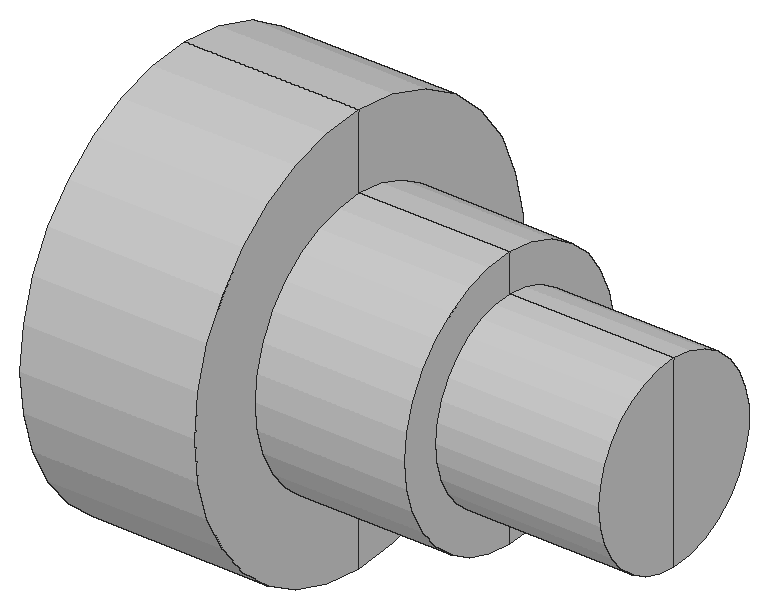
Revit family "6210_Eisenrohranschluß mit Konus", category Rohrformteile, Revit 2021
Family settings
  Bemaßung runder Anschluss = Durchmesser verwenden
  Teiletyp = Verbindung
  OmniClass-Nummer = 23.65.55.14
  OmniClass-Titel = Valves for Liquid Services
  Arbeitsebenenbasiert = Nein
  Immer vertikal = Ja
  Beim Laden mit Abzugskörper schneiden = Nein
  Gemeinsam genutzt = Nein
Parameters (values of type "G3/4 x R1/2x35mm")
  Vorgabe-Ansicht = 0 mm
  URL = "www.herz-armaturen.at"
  SCRNSEQ = "AWI;AWI_TYP=\"1001\";2"
  SCRNCODE = "07;01;02"  # constant formula
  S02 = 8 mm  # constant formula
  S01 [instance] = GT  # 10 mm
  O-Ring = "EPDM"  # constant formula
  Nennweite_AG [instance] = if([5_8x3_8], 10 mm, if([3_4x1_2], 15 mm, if([3_4x1_2x26], 15 mm, if([3_4x1_2x35], 15 mm, if([1x3_4], 20 mm, 0 mm)))))  # 15 mm
  Nennweite_IG [instance] = if([5_8x3_8], 15 mm, if([3_4x1_2], 20 mm, if([3_4x1_2x26], 20 mm, if([3_4x1_2x35], 20 mm, if([1x3_4], 25 mm, 0 mm)))))  # 20 mm
  Mutter = "Messing CW614N, vernickelt"  # constant formula
  Max. Betriebstemperatur = 110 °C  # constant formula
  Max. Betriebsdruck = 1000000.0 Pa  # constant formula
  Medium = "Heizungswasser nach ÖNORM H5195 oder VDI- Richtlinie 2035.\r\nDie Verwendung von Ethylen- oder Propyleneglykol in einem Mischungsverhältnis 25- 50% ist zulässig."
  Hinweiß = "Der O-Ring dient als zusätzliche Dichtung, bei Verlust ist der Eisenrohranschluss metallisch dichtend."
  GT [instance] = if([5_8x3_8], 8.5 mm, if([3_4x1_2], 10 mm, if([3_4x1_2x26], 10 mm, if([3_4x1_2x35], 10 mm, if([1x3_4], 12 mm, 0 mm)))))  # 10 mm
  L02 [instance] = if([5_8x3_8], 9 mm, if([3_4x1_2], 13.2 mm, if([3_4x1_2x26], 13.2 mm, if([3_4x1_2x35], 13.2 mm, if([1x3_4], 12.7 mm, 0 mm)))))  # 13.2 mm
  L01 [instance] = if([5_8x3_8], 13 mm, if([3_4x1_2], 14 mm, if([3_4x1_2x26], 14 mm, if([3_4x1_2x35], 14 mm, if([1x3_4], 16.5 mm, 0 mm)))))  # 14 mm
  L00 [instance] = if([5_8x3_8], 30.5 mm, if([3_4x1_2], 34.3 mm, if([3_4x1_2x26], 30.3 mm, if([3_4x1_2x35], 39.3 mm, if([1x3_4], 41.4 mm, 0 mm)))))  # 39.3 mm
  Hersteller = "HERZ Armaturen Ges.m.b.H."  # constant formula
  Bestellnummer = if([5_8x3_8], 1621000, if([3_4x1_2], 1621021, if([3_4x1_2x26], 1621026, if([3_4x1_2x35], 1621011, if([1x3_4], 1621002, 0)))))  # 1621011
  D03 [instance] = if([5_8x3_8], 5 mm, if([3_4x1_2], 7.5 mm, if([3_4x1_2x26], 7.5 mm, if([3_4x1_2x35], 7.5 mm, if([1x3_4], 10 mm, 0 mm)))))  # 7.5 mm
  D02 [instance] = if([5_8x3_8], 8.5 mm, if([3_4x1_2], 10.5 mm, if([3_4x1_2x26], 10.5 mm, if([3_4x1_2x35], 10.5 mm, if([1x3_4], 13.2 mm, 0 mm)))))  # 10.5 mm
  D01 [instance] = if([5_8x3_8], 7.5 mm, if([3_4x1_2], 10 mm, if([3_4x1_2x26], 10 mm, if([3_4x1_2x35], 10 mm, if([1x3_4], 12.5 mm, 0 mm)))))  # 10 mm
  D00 [instance] = if([5_8x3_8], 15 mm, if([3_4x1_2], 16.5 mm, if([3_4x1_2x26], 16.5 mm, if([3_4x1_2x35], 16.5 mm, if([1x3_4], 19.5 mm, 0 mm)))))  # 16.5 mm
  Ausführung = "Eisenrohranschluss mit Konus, Mutter und Anschlussstück."
  Anschlussstück = "Messing CW614N, vernickelt"  # constant formula
  5_8x3_8 = no
  3_4x1_2x35 = yes
  3_4x1_2x26 = no
  3_4x1_2 = no
  1x3_4 = no
Types (6, lengths in mm): name | S01 | Nennweite_AG | Nennweite_IG | GT | L02 | L01 | L00 | Bestellnummer | D03 | D02 | D01 | D00 | 5_8x3_8 | 3_4x1_2x35 | 3_4x1_2x26 | 3_4x1_2 | 1x3_4
  (no name) | 10 | 15 | 20 | 10 | 13.2 | 14 | 39.3 | 1621011 | 7.5 | 10.5 | 10 | 16.5 | no | yes | no | no | no
  G1 x R3/4 | 12 | 20 | 25 | 12 | 12.7 | 16.5 | 41.4 | 1621002 | 10 | 13.2 | 12.5 | 19.5 | no | no | no | no | yes
  G3/4 x R1/2x35mm | 10 | 15 | 20 | 10 | 13.2 | 14 | 39.3 | 1621011 | 7.5 | 10.5 | 10 | 16.5 | no | yes | no | no | no
  G3/4 x R1/2 | 10 | 15 | 20 | 10 | 13.2 | 14 | 34.3 | 1621021 | 7.5 | 10.5 | 10 | 16.5 | no | no | no | yes | no
  G3/4 x R1/2x26mm | 10 | 15 | 20 | 10 | 13.2 | 14 | 30.3 | 1621026 | 7.5 | 10.5 | 10 | 16.5 | no | no | yes | no | no
  G5/8 x R3/8 | 8.5 | 10 | 15 | 8.5 | 9 | 13 | 30.5 | 1621000 | 5 | 8.5 | 7.5 | 15 | yes | no | no | no | no
Reference planes
  plane 1 "Mitte (Vorne/hinten)": y = 0
  plane 2: z = 0
  plane 3 "Mitte (Links/rechts)": x = 0
Forms (mm)
  Revolve 1, solid, material "Messing, vernickelt", detail levels fine
    sketch origin (0, 0, 0) x (1, 0, 0) y (0, 0, 1)
      loop
        line (0, 10) -> (10, 10) -> (10, 0) -> (39.3, 0) -> (39.3, 7.5) -> (26.1, 7.5) -> (26.1, 10.5) -> (14, 10.5) -> (14, 16.5) -> (0, 16.5) -> (0, 10)
      axis (0, 0) -> (39.3, 0)
    angle from 0 to 360
Lines and regions (mm)
  model lines, detail levels coarse+medium
    curve 1: line (0, 0, 0) -> (39.3, 0, 0)
    curve 2: line (10, 0, 16.5) -> (10, 0, -16.5)
    curve 3: line (10, 0, -16.5) -> (18, 0, -16.5)
    curve 4: line (18, 0, -16.5) -> (10, 0, 0)
    curve 5: line (10, 0, 16.5) -> (18, 0, 16.5)
    curve 6: line (18, 0, 16.5) -> (10, 0, 0)
    curve 7: line (10, 16.5, 0) -> (10, -16.5, 0)
    curve 8: line (10, -16.5, 0) -> (18, -16.5, 0)
    curve 9: line (18, -16.5, 0) -> (10, 0, 0)
    curve 10: line (10, 16.5, 0) -> (18, 16.5, 0)
    curve 11: line (18, 16.5, 0) -> (10, 0, 0)
Dimensions and locks
  "L01": Revolve 1 sketch curve to plane 3 "Mitte (Links/rechts)"
  "L00": Revolve 1 sketch curve to plane 3 "Mitte (Links/rechts)"
  "D00": Revolve 1 sketch curve to plane 2
  "L02": Revolve 1 sketch curve to Revolve 1 sketch curve
  "D01": Revolve 1 sketch curve to plane 2
  "D02": Revolve 1 sketch curve to plane 2
  "D03": Revolve 1 sketch curve to plane 2
  "GT": Revolve 1 sketch curve to plane 3 "Mitte (Links/rechts)"
  "L00": curve 1 to curve 1
  "S01": curve 2 to plane 3 "Mitte (Links/rechts)"
  "S02": curve 2 to curve 6
  "S02": curve 2 to curve 4
  "S01": curve 1 to curve 7
  "S02": curve 7 to curve 11
  "S02": curve 7 to curve 9
  "D00": curve 8 to plane 1 "Mitte (Vorne/hinten)" to curve 10
  "D00": curve 5 to plane 2 to curve 3
  aligned and locked: level to plane 2
Automatic sketch dimensions
  curve 1 to level = 0 mm
  curve 1 to plane 3 "Mitte (Links/rechts)" = 0 mm
  curve 4 to level = 0 mm
  curve 6 to curve 4 = 0 mm
  plane 1 "Mitte (Vorne/hinten)" to curve 9 = 0 mm
  plane 1 "Mitte (Vorne/hinten)" to curve 11 = 0 mm
  Revolve 1 sketch curve to level = 0 mm  (x2)
  Revolve 1 sketch curve to plane 3 "Mitte (Links/rechts)" = 0 mm
  Revolve 1 sketch curve to plane 3 "Mitte (Links/rechts)" = 1506.53 mm
  Revolve 1 sketch curve to Revolve 1 sketch curve = 1792.148 mm
Connectors
  piping at (10, 0, 0), diameter 20, driven by "Nennweite_IG"
    settings: on Revolve 1, index 1, connector inside diameter 609.6 mm, connector length 0 mm, flow factor 0, pipe flow 0.0 L/s, pressure drop 0.0 Pa, fitting loss kfactor 0, connector angle 0.00°, fixture units 0, engagement length 0 mm, angle of deflection 0.00°, flow configuration 0, flow direction 0, fitting loss method 0, system type 29, joint type 0, gender type 0, connector reference index -1, connector utility 0, adjustable connector no, is connector primary yes, connector description ""
  piping at (39.3, 0, 0), diameter 15, driven by "Nennweite_AG"
    settings: on Revolve 1, index 2, connector inside diameter 609.6 mm, connector length 0 mm, flow factor 0, pipe flow 0.0 L/s, pressure drop 0.0 Pa, fitting loss kfactor 0, connector angle 0.00°, fixture units 0, engagement length 0 mm, angle of deflection 0.00°, flow configuration 0, flow direction 0, fitting loss method 0, system type 29, joint type 0, gender type 0, connector reference index -1, connector utility 0, adjustable connector no, is connector primary no, connector description ""
